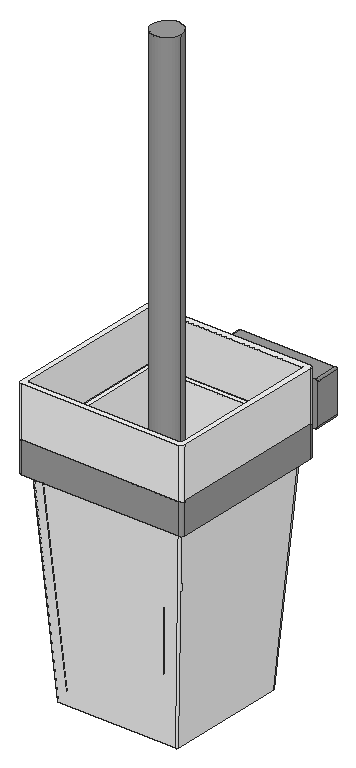
Revit family "LIMP WC ATLAS CR", category Plumbing Fixtures, Revit 2019
Family settings
  Round Connector Dimension = Use Diameter
  Part Type = Normal
  OmniClass Number = 23.45.00.00
  OmniClass Title = Sanitary, Laundry, and Cleaning Equipment
  Work Plane-Based = No
  Always vertical = Yes
  Cut with Voids When Loaded = No
  Shared = No
  Room Calculation Point = No
Reference planes
  plane 1 "Center (Front/Back)": y = 0
  plane 2: z = 0
  plane 3 "Center (Left/Right)": x = 0
Forms (mm)
  Extrusion 1, solid
    sketch origin (0, 0, 0) x (1, 0, 0) y (0, 0, 1)
      loop
        arc (0, 0.974) -> (0.285, 0.285) -> (0.974, 0) r 0.974
        line (0.974, 0) -> (53.995, 0)
        arc (53.995, 0) -> (54.706, 0.294) -> (55, 1.005) r 1.005
        line (55, 1.005) -> (55, 23.984)
        arc (55, 23.984) -> (54.702, 24.702) -> (53.984, 25) r 1.016
        line (53.984, 25) -> (1.022, 25)
        arc (1.022, 25) -> (0.299, 24.701) -> (0, 23.978) r 1.022
        line (0, 23.978) -> (0, 0.974)
    from -3.532 to 10
  Extrusion 2, solid
    sketch origin (0, 0, 0) x (1, 0, 0) y (0, 0, 1)
      loop
        line (27.5, 17.5) -> (13.477, 17.5)
        arc (13.477, 17.5) -> (12.786, 17.214) -> (12.5, 16.523) r 0.977
        line (12.5, 16.523) -> (12.5, 8.454)
        arc (12.5, 8.454) -> (12.779, 7.779) -> (13.454, 7.5) r 0.954
        line (13.454, 7.5) -> (41.485, 7.5)
        arc (41.485, 7.5) -> (42.203, 7.797) -> (42.5, 8.515) r 1.015
        line (42.5, 8.515) -> (42.5, 16.504)
        arc (42.5, 16.504) -> (42.208, 17.208) -> (41.504, 17.5) r 0.996
        line (41.504, 17.5) -> (27.5, 17.5)
    from 10 to 36
  Extrusion 3, solid
    sketch origin (0, 0, 0) x (1, 0, 0) y (0, 1, 0)
      loop
        line (27.5, -36) -> (-16.495, -36)
        arc (-16.495, -36) -> (-17.913, -36.587) -> (-18.5, -38.005) r 2.005
        line (-18.5, -38.005) -> (-18.5, -125.977)
        arc (-18.5, -125.977) -> (-17.907, -127.407) -> (-16.477, -128) r 2.023
        line (-16.477, -128) -> (71.461, -128)
        arc (71.461, -128) -> (72.903, -127.403) -> (73.5, -125.961) r 2.039
        line (73.5, -125.961) -> (73.5, -37.975)
        arc (73.5, -37.975) -> (72.922, -36.578) -> (71.525, -36) r 1.975
        line (71.525, -36) -> (27.5, -36)
      loop
        line (27.5, -39) -> (-14.487, -39)
        arc (-14.487, -39) -> (-15.203, -39.297) -> (-15.5, -40.013) r 1.013
        line (-15.5, -40.013) -> (-15.5, -123.987)
        arc (-15.5, -123.987) -> (-15.203, -124.703) -> (-14.487, -125) r 1.013
        line (-14.487, -125) -> (69.514, -125)
        arc (69.514, -125) -> (70.211, -124.711) -> (70.5, -124.014) r 0.986
        line (70.5, -124.014) -> (70.5, -40.039)
        arc (70.5, -40.039) -> (70.196, -39.304) -> (69.461, -39) r 1.039
        line (69.461, -39) -> (27.5, -39)
    from 3.963 to 21.297
  Blend 4, solid
    base sketch origin (0, 0, 0) x (1, 0, 0) y (0, 1, 0)
      loop
        arc (-5.505, -48) -> (-6.209, -48.291) -> (-6.5, -48.995) r 0.995
        line (-6.5, -48.995) -> (-6.5, -115.013)
        arc (-6.5, -115.013) -> (-6.211, -115.711) -> (-5.513, -116) r 0.987
        line (-5.513, -116) -> (60.467, -116)
        arc (60.467, -116) -> (61.198, -115.698) -> (61.5, -114.967) r 1.033
        line (61.5, -114.967) -> (61.5, -49)
        arc (61.5, -49) -> (61.207, -48.293) -> (60.5, -48) r 1
        line (60.5, -48) -> (-5.505, -48)
    top sketch origin (0, 0, 0) x (1, 0, 0) y (0, 1, 0)
      loop
        line (-15.5, -40.006) -> (-15.5, -123.985)
        arc (-15.5, -123.985) -> (-15.203, -124.703) -> (-14.485, -125) r 1.015
        line (-14.485, -125) -> (69.528, -125)
        arc (69.528, -125) -> (70.215, -124.715) -> (70.5, -124.028) r 0.972
        line (70.5, -124.028) -> (70.5, -40.024)
        arc (70.5, -40.024) -> (70.2, -39.3) -> (69.476, -39) r 1.024
        line (69.476, -39) -> (-14.494, -39)
        arc (-14.494, -39) -> (-15.205, -39.295) -> (-15.5, -40.006) r 1.006
    from -111.703 to 21.297
  Blend 5, void
    base sketch origin (0, 0, 0) x (1, 0, 0) y (0, 1, 0)
      loop
        arc (-2.468, -51) -> (-3.198, -51.302) -> (-3.5, -52.032) r 1.032
        line (-3.5, -52.032) -> (-3.5, -111.987)
        arc (-3.5, -111.987) -> (-3.203, -112.703) -> (-2.487, -113) r 1.013
        line (-2.487, -113) -> (57.526, -113)
        arc (57.526, -113) -> (58.215, -112.715) -> (58.5, -112.026) r 0.974
        line (58.5, -112.026) -> (58.5, -52.015)
        arc (58.5, -52.015) -> (58.203, -51.297) -> (57.485, -51) r 1.015
        line (57.485, -51) -> (-2.468, -51)
    top sketch origin (0, 0, 0) x (1, 0, 0) y (0, 1, 0)
      loop
        line (-12.5, -42.967) -> (-12.5, -120.995)
        arc (-12.5, -120.995) -> (-12.206, -121.706) -> (-11.495, -122) r 1.005
        line (-11.495, -122) -> (66.471, -122)
        arc (66.471, -122) -> (67.199, -121.699) -> (67.5, -120.971) r 1.029
        line (67.5, -120.971) -> (67.5, -42.977)
        arc (67.5, -42.977) -> (67.214, -42.286) -> (66.523, -42) r 0.977
        line (66.523, -42) -> (-11.533, -42)
        arc (-11.533, -42) -> (-12.217, -42.283) -> (-12.5, -42.967) r 0.967
    from -106.732 to 21.297
  Extrusion 6, solid
    sketch origin (0, 0, 0) x (1, 0, 0) y (0, 1, 0)
      loop
        arc (-18.5, -125.975) -> (-17.907, -127.407) -> (-16.475, -128) r 2.025
        line (-16.475, -128) -> (71.453, -128)
        arc (71.453, -128) -> (72.9, -127.4) -> (73.5, -125.953) r 2.047
        line (73.5, -125.953) -> (73.5, -37.998)
        arc (73.5, -37.998) -> (72.915, -36.585) -> (71.502, -36) r 1.998
        line (71.502, -36) -> (-16.459, -36)
        arc (-16.459, -36) -> (-17.902, -36.598) -> (-18.5, -38.041) r 2.041
        line (-18.5, -38.041) -> (-18.5, -125.975)
      loop
        arc (-14.481, -39) -> (-15.202, -39.298) -> (-15.5, -40.019) r 1.019
        line (-15.5, -40.019) -> (-15.5, -123.973)
        arc (-15.5, -123.973) -> (-15.199, -124.699) -> (-14.473, -125) r 1.027
        line (-14.473, -125) -> (69.457, -125)
        arc (69.457, -125) -> (70.195, -124.695) -> (70.5, -123.957) r 1.043
        line (70.5, -123.957) -> (70.5, -39.986)
        arc (70.5, -39.986) -> (70.211, -39.289) -> (69.514, -39) r 0.986
        line (69.514, -39) -> (-14.481, -39)
    from 21.297 to 49.297
  Extrusion 7, solid
    sketch origin (0.736, 0, 0) x (1, 0, 0) y (0, 1, 0)
      loop
        circle (27.5, -82) r 8
    from -111.703 to 223
  Extrusion 8, solid
    sketch origin (-254.595, 0.153, 0) x (1, 0, 0) y (0, 1, 0)
      loop
        line (276.888, -87.612) -> (276.18, -86.905) -> (257.044, -106.042) -> (257.751, -106.749) -> (276.888, -87.612)
      loop
        line (275.09, -84.844) -> (274.732, -83.911) -> (249.466, -93.609) -> (249.825, -94.543) -> (275.09, -84.844)
      loop
        line (283, -74.016) -> (283, -47) -> (282, -47) -> (282, -74.016)
        arc (282, -74.016) -> (282.5, -74) -> (283, -74.016) r 8
      loop
        line (286.204, -74.909) -> (297.193, -50.229) -> (296.279, -49.823) -> (285.291, -74.503) -> (286.204, -74.909)
      loop
        line (288.499, -76.708) -> (307.602, -57.605) -> (306.895, -56.898) -> (287.792, -76.001) -> (288.499, -76.708)
      loop
        line (290.347, -79.523) -> (315.354, -69.924) -> (314.996, -68.99) -> (289.989, -78.59) -> (290.347, -79.523)
      loop
        line (290.484, -82.5) -> (317.5, -82.5) -> (317.5, -81.5) -> (290.484, -81.5) -> (290.484, -82.5)
      loop
        line (289.165, -84.958) -> (315.218, -94.441) -> (315.56, -93.501) -> (290.174, -84.261) -> (289.165, -84.958)
      loop
        line (288.06, -87.679) -> (307.719, -105.38) -> (308.427, -104.672) -> (288.768, -86.971) -> (288.06, -87.679)
      loop
        line (278.796, -89.091) -> (267.807, -113.771) -> (268.721, -114.177) -> (279.709, -89.497) -> (278.796, -89.091)
      loop
        line (276.94, -76.321) -> (256.863, -58.244) -> (256.155, -58.952) -> (276.232, -77.029) -> (276.94, -76.321)
      loop
        line (274.664, -83.267) -> (274.505, -82.279) -> (247.789, -86.598) -> (247.948, -87.585) -> (274.664, -83.267)
      loop
        line (275.695, -86.206) -> (275.222, -85.322) -> (252.201, -99.549) -> (252.726, -100.399) -> (275.695, -86.206)
      loop
        line (281.632, -74.008) -> (276.018, -47.597) -> (275.04, -47.805) -> (280.654, -74.216) -> (281.632, -74.008)
      loop
        line (284.679, -74.303) -> (290.399, -47.899) -> (289.422, -47.688) -> (283.702, -74.091) -> (284.679, -74.303)
      loop
        line (287.519, -75.77) -> (303.118, -53.713) -> (302.302, -53.136) -> (286.702, -75.193) -> (287.519, -75.77)
      loop
        line (289.555, -78.228) -> (312.536, -64.026) -> (312.011, -63.175) -> (289.029, -77.377) -> (289.555, -78.228)
      loop
        line (290.302, -81.245) -> (317.131, -76.909) -> (316.972, -75.921) -> (290.302, -80.232) -> (290.302, -81.245)
      loop
        line (290.25, -83.985) -> (316.789, -89.039) -> (316.976, -88.056) -> (290.08, -82.935) -> (290.25, -83.985)
      loop
        line (289.077, -86.555) -> (312.204, -100.517) -> (312.721, -99.661) -> (289.594, -85.699) -> (289.077, -86.555)
      loop
        line (280.116, -89.636) -> (273.691, -115.877) -> (274.663, -116.115) -> (281.087, -89.874) -> (280.116, -89.636)
      loop
        line (277.481, -88.23) -> (261.882, -110.287) -> (262.698, -110.864) -> (278.298, -88.807) -> (277.481, -88.23)
      loop
        line (279.841, -74.455) -> (269.285, -49.587) -> (268.364, -49.978) -> (278.92, -74.846) -> (279.841, -74.455)
      loop
        line (278.396, -75.076) -> (262.063, -53.402) -> (261.349, -54.116) -> (277.597, -75.678) -> (278.396, -75.076)
      loop
        line (283.218, -89.968) -> (288.843, -116.431) -> (289.821, -116.223) -> (284.208, -89.816) -> (283.218, -89.968)
      loop
        line (282, -89.984) -> (282, -117) -> (283, -117) -> (283, -89.984) -> (282, -89.984)
      loop
        line (285.159, -89.545) -> (295.715, -114.413) -> (296.636, -114.022) -> (286.08, -89.154) -> (285.159, -89.545)
      loop
        line (286.472, -88.944) -> (302.757, -110.556) -> (303.555, -109.954) -> (287.309, -88.393) -> (286.472, -88.944)
      loop
        line (274.831, -80.498) -> (246.884, -80.498) -> (246.884, -81.498) -> (274.563, -81.498) -> (274.831, -80.498)
      loop
        line (275.372, -78.343) -> (250.558, -67.295) -> (250.152, -68.209) -> (274.965, -79.256) -> (275.372, -78.343)
    from -80.94 to -15.417
Cuts and joins
  Blend 5 cuts Blend 4
Dimensions and locks
  plane 3 "Center (Left/Right)" to Blend 4 = 61.5 mm
  aligned and locked: level to plane 2
